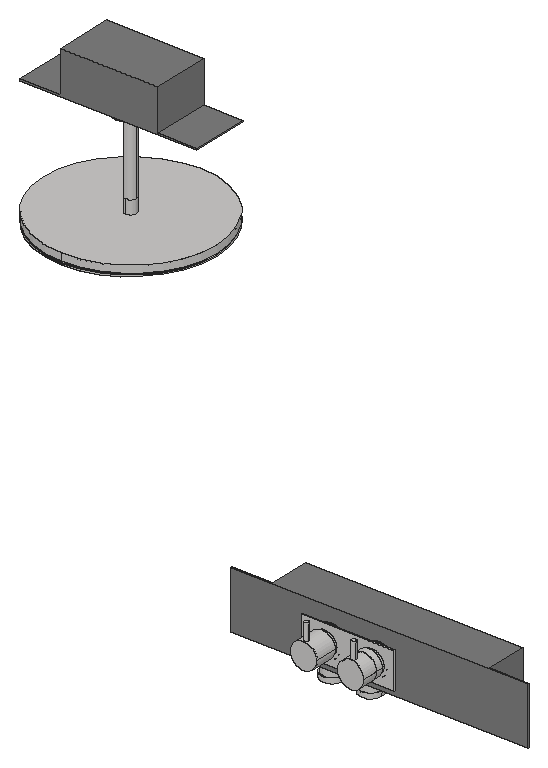
Revit family "5262A", category Plumbing Fixtures, Revit 2021
Family settings
  Round Connector Dimension = Use Diameter
  Part Type = Normal
  Work Plane-Based = No
  Always vertical = Yes
  Cut with Voids When Loaded = No
  Shared = No
  Room Calculation Point = No
Parameters
  e-mail = "info@vola.com"
  URL = "http://vola.com"
  Telephone = "+45 7023 5500"
  Shower Offset = 450.00 mm
  Shower Head Height = 2100.00 mm
  Quality management standard = "ISO 9001"
  Organisation no. / DUNS no. = "17531328"
  Occupational health and safety management standard = "ISO 18001"
  Mounting Instructions = "http://vola.com/service/producturl.ashx?name=5262A"
  Model = "5262A"
  Mixer Offset [instance] = 12.00 mm
  Mixer = yes
  Materials and components information = "http://vola.com/service/producturl.ashx?name=5262A"
  Manufacturer = "VOLA A/S"
  Maintenance Instructions = "http://vola.com/service/producturl.ashx?name=5262A"
  Handle Height = 1100.00 mm
  Guarantee = "2 years"
  Flow = "22,00 l/min"
  Environmental management standard = "ISO 14000"
  Default Elevation = 0.00 mm
  Connection - All relevant connections = "¾\" for water connection"
  Ceiling Mixer Offset = 12.00 mm
  Approvals = "http://vola.com/service/producturl.ashx?name=5262A"
Reference planes
  plane 1 "Center (Front/Back)": y = 0
  plane 2: z = 0
  plane 3 "Center (Left/Right)": x = 0
  plane 4 "Mixer plane": y = 12
  plane 5: z = 1100
  plane 6: z = 2100
  plane 7: y = -450
  plane 8: z = 2112
  plane 9 "Wall Surface": y = 0
Forms (mm)
  Extrusion 1, solid, material "Stainless Steel", visible <- "Mixer"
    sketch origin (14.11, 9.5, 1100) x (0, 0, -1) y (1, 0, 0)
      loop
        circle (0, 24.89) r 24.89
    from 0 to 9.5
  Extrusion 2, solid, material "Stainless Steel", visible <- "Mixer"
    sketch origin (-63.89, 9.5, 1100) x (0, 0, -1) y (1, 0, 0)
      loop
        circle (0, 24.89) r 24.89
    from 0 to 9.5
  Extrusion 3, solid, material "Stainless Steel", visible <- "Mixer"
    sketch origin (16.5, -450, 2111.5) x (-1, 0, 0) y (0, -1, 0)
      loop
        circle (16.5, 0) r 16.5
    from 0 to -11.5
Dimensions and locks
  "Mixer Offset": plane 4 "Mixer plane" to plane 1 "Center (Front/Back)"
  "Handle Height": plane 5 to level
  "Shower Offset": plane 7 to plane 1 "Center (Front/Back)"
  "Shower Head Height": plane 6 to level
  "Ceiling Mixer Offset": plane 8 to plane 6
  aligned and locked: plane 2 to level
  aligned and locked: nested 3 to plane 4 "Mixer plane"
  aligned and locked: plane 1 "Center (Front/Back)" to Extrusion 1
  aligned and locked: plane 1 "Center (Front/Back)" to Extrusion 2
  aligned and locked: plane 5 to nested 3
  aligned and locked: nested 4 to plane 5
  aligned and locked: plane 7 to nested 5
  aligned and locked: plane 6 to nested 5
  aligned and locked: plane 7 to nested 6
  aligned and locked: Extrusion 3 to plane 6
Automatic sketch dimensions
  radius of Extrusion 1 sketch curve to nested 3 = 0.00 mm
  radius of Extrusion 2 sketch curve to nested 3 = 0.00 mm
  radius of Extrusion 3 sketch curve to nested 6 = 0.00 mm
Nested families
  nested 1: "NR52" at (39, -2, 1100), built-in parameter 1001364 <- "Handle Height", type "NR52"
  nested 2: "NR51" at (-39, -2, 1100), built-in parameter 1001364 <- "Handle Height", type "NR51"
  nested 3: "5200V" at (0, 83.5, 1015), visible <- "Mixer", type "5200V"
  nested 4: "5002" at (0, 0, 1100) x (1, 0, 0) z (0, -1, 0), type "5002"
  nested 5: "060A" at (0, -450, 2100), type "060A"
  nested 6: "200M" at (0, -450, 2112), built-in parameter 1001364 <- "Ceiling Mixer Offset", visible <- "Mixer", type "200M"
Connectors
  piping at (-71, 54.5, 1015), diameter 37
    settings: on nested 3, index 1, connector inside diameter 1.45669", connector length 0.00 mm, flow factor 0, pipe flow 0 GPM, pressure drop 0.00 psi, fitting loss kfactor 0, connector angle 0.00°, fixture units 0, engagement length 0.00 mm, angle of deflection 0.00°, flow configuration 0, flow direction 1, fitting loss method 0, system type 19, joint type 0, gender type 0, connector reference index -1, connector utility 0, adjustable connector no, is connector primary yes, connector description ""
  piping at (-7, 54.5, 1015), diameter 37
    settings: on nested 3, index 2, connector inside diameter 1.45669", connector length 0.00 mm, flow factor 0, pipe flow 0 GPM, pressure drop 0.00 psi, fitting loss kfactor 0, connector angle 0.00°, fixture units 0, engagement length 0.00 mm, angle of deflection 0.00°, flow configuration 0, flow direction 1, fitting loss method 0, system type 20, joint type 0, gender type 0, connector reference index -1, connector utility 0, adjustable connector no, is connector primary no, connector description ""
Definition of nested family "NR52"
  Parameters
    e-mail = "info@vola.com"
    URL = "http://vola.com"
    Telephone = "+45 7023 5500"
    Quality management standard = "ISO 9001"
    Organisation no. / DUNS no. = "17531328"
    Occupational health and safety management standard = "ISO 18001"
    Mounting Instructions = "http://vola.com/service/producturl.ashx?name=NR52"
    Model = "NR52"
    Materials and components information = "http://vola.com/service/producturl.ashx?name=NR52"
    Manufacturer = "VOLA A/S"
    Maintenance Instructions = "http://vola.com/service/producturl.ashx?name=NR52"
    Guarantee = "2 years"
    Environmental management standard = "ISO 14000"
    Default Elevation = 0.00 mm
    Connection - All relevant connections = ""
    Approvals = "http://vola.com/service/producturl.ashx?name=NR52"
  Reference planes
    plane 1 "Center (Front/Back)": y = 0
    plane 2: z = 0
    plane 3 "Center (Left/Right)": x = 0
  Forms (mm)
    Extrusion 1, solid
      sketch origin (0, 0, 0) x (1, 0, 0) y (0, 0, 1)
        loop
          circle (0, 0) r 20
      from 0 to 5
    Extrusion 2, solid
      sketch origin (0, 0, 0) x (1, 0, 0) y (0, 0, 1)
        loop
          circle (0, 0) r 21.5
      from 17 to 42.5
    Extrusion 3, solid
      sketch origin (0, -2, 0) x (0, -1, 0) y (1, 0, 0)
        loop
          circle (34.5, 0) r 3.5
      from 0 to 47.5
    Extrusion 4, solid
      sketch origin (0, 10.75, -47.4) x (0, -1, 0) y (1, 0, 0)
        loop
          circle (34.5, 0) r 3.5
      from 22.5 to 47.4
    Extrusion 5, solid
      sketch origin (0, 11.93, 0) x (1, 0, 0) y (0, 0, 1)
        loop
          circle (0, 0) r 21.5
      from 16.93 to 28.93
  Cuts and joins
    joined: Extrusion 2, Extrusion 3, Extrusion 4
  Dimensions and locks
    aligned and locked: plane 2 to level
    aligned and locked: Extrusion 2 to Extrusion 5
    aligned and locked: Extrusion 1 to Extrusion 5
Definition of nested family "NR51"
  Parameters
    e-mail = "info@vola.com"
    URL = "http://vola.com"
    Telephone = "+45 7023 5500"
    Quality management standard = "ISO 9001"
    Organisation no. / DUNS no. = "17531328"
    Occupational health and safety management standard = "ISO 18001"
    Mounting Instructions = "http://vola.com/service/producturl.ashx?name=NR51"
    Model = "NR51"
    Materials and components information = "http://vola.com/service/producturl.ashx?name=NR51"
    Manufacturer = "VOLA A/S"
    Maintenance Instructions = "http://vola.com/service/producturl.ashx?name=NR51"
    Guarantee = "2 years"
    Environmental management standard = "ISO 14000"
    Default Elevation = 0.00 mm
    Connection - All relevant connections = ""
    Approvals = "http://vola.com/service/producturl.ashx?name=NR51"
  Reference planes
    plane 1 "Center (Front/Back)": y = 0
    plane 2: z = 0
    plane 3 "Center (Left/Right)": x = 0
  Forms (mm)
    Extrusion 1, solid
      sketch origin (0, 0, 0) x (1, 0, 0) y (0, 0, 1)
        loop
          circle (0, 0) r 21.5
      from 5 to 42.5
    Extrusion 2, solid
      sketch origin (0, -2, 0) x (0, -1, 0) y (1, 0, 0)
        loop
          circle (34.5, 0) r 3.5
      from 0 to 47.5
    Extrusion 3, solid
      sketch origin (0, 0, 0) x (1, 0, 0) y (0, 0, 1)
        loop
          circle (0, 0) r 20
      from 0 to 5
  Cuts and joins
    joined: Extrusion 1, Extrusion 2
  Dimensions and locks
    aligned and locked: plane 2 to level
Definition of nested family "5200V"
  Parameters
    e-mail = "info@vola.com"
    URL = "http://vola.com"
    Telephone = "+45 7023 5500"
    Quality management standard = "ISO 9001"
    Organisation no. / DUNS no. = "17531328"
    Occupational health and safety management standard = "ISO 18001"
    Mounting Instructions = "http://vola.com/service/producturl.ashx?name=5200V"
    Model = "5200V"
    Materials and components information = "http://vola.com/service/producturl.ashx?name=5200V"
    Manufacturer = "VOLA A/S"
    Maintenance Instructions = "http://vola.com/service/producturl.ashx?name=5200V"
    Guarantee = "2 years"
    Flow = "45,00 l/min"
    Environmental management standard = "ISO 14000"
    Default Elevation = 0.00 mm
    Connection - All relevant connections = ""
    Approvals = "http://vola.com/service/producturl.ashx?name=5200V"
  Reference planes
    plane 1 "Center (Front/Back)": y = 0
    plane 2: z = 0
    plane 3 "Center (Left/Right)": x = 0
    plane 4 "Inlet Center Plane": y = -29
    plane 5: z = 85
  Forms (mm)
    Extrusion 1, solid
      sketch origin (10, 0, 16) x (1, 0, 0) y (0, 1, 0)
        loop
          line (-147.5, 0) -> (-147.5, -69) -> (210.5, -69) -> (210.5, 0) -> (-147.5, 0)
      from 21.5 to 116.5
    Extrusion 2, solid
      sketch origin (10, -1, 16) x (1, 0, 0) y (0, 1, 0)
        loop
          line (-215, -68) -> (-215, -70.5) -> (275.5, -70.5) -> (275.5, -68) -> (-215, -68)
      from 21.5 to 116.5
    Extrusion 3, solid
      sketch origin (-59, -4, 37.5) x (0, 1, 0) y (1, 0, 0)
        loop
          circle (-25, -12) r 16.5
      from 0 to 29.77
    Extrusion 4, solid
      sketch origin (5, -4, 37.5) x (0, 1, 0) y (1, 0, 0)
        loop
          circle (-25, -12) r 16.5
      from 0 to 29.77
    Extrusion 5, solid
      sketch origin (-51.5, -71.5, 16) x (-1, 0, 0) y (0, 0, -1)
        loop
          circle (-12.5, -69) r 24.89
      from 0 to 2.5
    Extrusion 6, solid
      sketch origin (26.5, -71.5, 16) x (-1, 0, 0) y (0, 0, -1)
        loop
          circle (-12.5, -69) r 24.89
      from 0 to 2.5
    Extrusion 7, solid
      sketch origin (-59, -4, 7.73) x (-1, 0, 0) y (0, 1, 0)
        loop
          circle (12, -25) r 18.5
      from 0 to 7.73
    Extrusion 8, solid
      sketch origin (5, -4, 7.73) x (-1, 0, 0) y (0, 1, 0)
        loop
          circle (12, -25) r 18.5
      from 0 to 7.73
  Cuts and joins
    joined: Extrusion 1, Extrusion 2
  Lines and regions (mm)
    reference lines
      curve 1: line (39, -29, 85) -> (39, -121.5, 85)
      curve 2: line (-39, -29, 85) -> (-39, -121.5, 85)
      curve 3: line (-71, -29, 85) -> (-71, -29, -14)
      curve 4: line (-7, -29, 85) -> (-7, -29, -14)
  Dimensions and locks
    aligned and locked: plane 2 to level
    aligned and locked: Extrusion 1 to Extrusion 2
    aligned and locked: Extrusion 2 to Extrusion 1
Definition of nested family "5002"
  Parameters
    e-mail = "info@vola.com"
    URL = "http://vola.com"
    Telephone = "+45 7023 5500"
    Quality management standard = "ISO 9001"
    Organisation no. / DUNS no. = "17531328"
    Occupational health and safety management standard = "ISO 18001"
    Mounting Instructions = "http://vola.com/service/producturl.ashx?name=5002"
    Model = "5002"
    Materials and components information = "http://vola.com/service/producturl.ashx?name=5002"
    Manufacturer = "VOLA A/S"
    Maintenance Instructions = "http://vola.com/service/producturl.ashx?name=5002"
    Guarantee = "2 years"
    Environmental management standard = "ISO 14000"
    Default Elevation = 1219.20 mm
    Connection - All relevant connections = ""
    Approvals = "http://vola.com/service/producturl.ashx?name=5002"
  Reference planes
    plane 1 "Center (Front/Back)": y = 0
    plane 2: z = 0
    plane 3 "Center (Left/Right)": x = 0
  Forms (mm)
    Extrusion 1, solid
      sketch origin (0, 0, 0) x (1, 0, 0) y (0, 1, 0)
        loop
          line (-76.5, 30) -> (-76.5, -30) -> (76.5, -30) -> (76.5, 30) -> (-76.5, 30)
        loop
          circle (39.936, 0) r 19.5
        loop
          circle (-38.064, 0) r 19.5
      from 0 to 2
  Dimensions and locks
    aligned and locked: plane 2 to level
Definition of nested family "060A"
  Parameters
    e-mail = "info@vola.com"
    URL = "http://vola.com"
    Telephone = "+45 7023 5500"
    Quality management standard = "ISO 9001"
    Organisation no. / DUNS no. = "17531328"
    Occupational health and safety management standard = "ISO 18001"
    Mounting Instructions = "http://vola.com/service/producturl.ashx?name=060A"
    Model = "060A"
    Materials and components information = "http://vola.com/service/producturl.ashx?name=060A"
    Manufacturer = "VOLA A/S"
    Maintenance Instructions = "http://vola.com/service/producturl.ashx?name=060A"
    Guarantee = "2 years"
    Flow = "22,00 l/min"
    Environmental management standard = "ISO 14000"
    Default Elevation = 0.00 mm
    Connection - All relevant connections = ""
    Approvals = "http://vola.com/service/producturl.ashx?name=060A"
  Reference planes
    plane 1 "Center (Front/Back)": y = 0
    plane 2: z = 0
    plane 3 "Center (Left/Right)": x = 0
  Forms (mm)
    Extrusion 1, solid
      sketch origin (0, 0, -9.5) x (0, 1, 0) y (1, 0, 0)
        loop
          circle (0, 0) r 9.5
      from 0 to 118.5
    Extrusion 2, solid
      sketch origin (-450, 0, -128) x (-1, 0, 0) y (0, 1, 0)
        loop
          circle (-450, 0) r 8.5
      from 0 to 0.2
    Extrusion 3, solid
      sketch origin (-450, 0, -128.2) x (0, -1, 0) y (-1, 0, 0)
        loop
          circle (0, -450) r 9.5
      from 0 to 21.8
    Extrusion 4, solid
      sketch origin (-450, 0, -150) x (1, 0, 0) y (0, -1, 0)
        loop
          circle (450, 0) r 143
      from 0 to 12
    Extrusion 5, solid
      sketch origin (-450, 0, -162) x (0, 1, 0) y (1, 0, 0)
        loop
          circle (0, 450) r 140
      from 0 to 3
    Extrusion 6, solid
      sketch origin (-450, 0, -165) x (-1, 0, 0) y (0, 1, 0)
        loop
          circle (-450, 0) r 143
      from 0 to 2
    Extrusion 7, solid
      sketch origin (0, 0, -2) x (1, 0, 0) y (0, 1, 0)
        loop
          circle (0, 0) r 18
      from 0 to -7.5
    Extrusion 8, solid
      sketch origin (0, 0, -2) x (1, 0, 0) y (0, 1, 0)
        loop
          circle (0, 0) r 30
      from 0 to 2
  Dimensions and locks
    aligned and locked: plane 2 to level
  Nested families
    nested 1: "Shower Detail Lines" at (0, 0, -167) x (0, 1, 0) z (0, 0, 1), type "Shower Detail Lines"
  Definition of nested family "Shower Detail Lines"
    Parameters
      Default Elevation = 1219.20 mm
    Reference planes
      plane 1 "Center (Front/Back)": y = 0
      plane 2: z = 0
      plane 3 "Center (Left/Right)": x = 0
    Lines and regions (mm)
      model lines
        curve 1: line (-2, -24, 0) -> (2, -24, 0)
        curve 2: line (-2, -130, 0) -> (-2, -24, 0)
        curve 3: line (2, -130, 0) -> (-2, -130, 0)
        curve 4: line (2, -24, 0) -> (2, -130, 0)
        curve 5: circle (0, -27.479, 0) r 1.5 normal (0, 0, 1)
        curve 6: circle (0, -27.479, 0) r 0.5 normal (0, 0, 1)
        curve 7: circle (0, -36.479, 0) r 1.5 normal (0, 0, 1)
        curve 8: circle (0, -36.479, 0) r 0.5 normal (0, 0, 1)
        curve 9: circle (0, -45.479, 0) r 1.5 normal (0, 0, 1)
        curve 10: circle (0, -45.479, 0) r 0.5 normal (0, 0, 1)
        curve 11: circle (0, -54.479, 0) r 1.5 normal (0, 0, 1)
        curve 12: circle (0, -54.479, 0) r 0.5 normal (0, 0, 1)
        curve 13: circle (0, -63.479, 0) r 1.5 normal (0, 0, 1)
        curve 14: circle (0, -63.479, 0) r 0.5 normal (0, 0, 1)
        curve 15: circle (0, -72.479, 0) r 1.5 normal (0, 0, 1)
        curve 16: circle (0, -72.479, 0) r 0.5 normal (0, 0, 1)
        curve 17: circle (0, -81.479, 0) r 1.5 normal (0, 0, 1)
        curve 18: circle (0, -81.479, 0) r 0.5 normal (0, 0, 1)
        curve 19: circle (0, -90.479, 0) r 1.5 normal (0, 0, 1)
        curve 20: circle (0, -90.479, 0) r 0.5 normal (0, 0, 1)
        curve 21: circle (0, -99.479, 0) r 1.5 normal (0, 0, 1)
        curve 22: circle (0, -99.479, 0) r 0.5 normal (0, 0, 1)
        curve 23: circle (0, -108.479, 0) r 1.5 normal (0, 0, 1)
        curve 24: circle (0, -108.479, 0) r 0.5 normal (0, 0, 1)
        curve 25: circle (0, -117.479, 0) r 1.5 normal (0, 0, 1)
        curve 26: circle (0, -117.479, 0) r 0.5 normal (0, 0, 1)
        curve 27: circle (0, -126.479, 0) r 1.5 normal (0, 0, 1)
        curve 28: circle (0, -126.479, 0) r 0.5 normal (0, 0, 1)
        curve 29: line (6.329, -23.237, 0) -> (10.088, -21.869, 0)
        curve 30: line (42.583, -122.844, 0) -> (6.329, -23.237, 0)
        curve 31: line (46.342, -121.476, 0) -> (42.583, -122.844, 0)
        curve 32: line (10.088, -21.869, 0) -> (46.342, -121.476, 0)
        curve 33: circle (9.398, -25.822, 0) r 1.5 normal (0, 0, 1)
        curve 34: circle (9.398, -25.822, 0) r 0.5 normal (0, 0, 1)
        curve 35: circle (12.477, -34.279, 0) r 1.5 normal (0, 0, 1)
        curve 36: circle (12.477, -34.279, 0) r 0.5 normal (0, 0, 1)
        curve 37: circle (15.555, -42.736, 0) r 1.5 normal (0, 0, 1)
        curve 38: circle (15.555, -42.736, 0) r 0.5 normal (0, 0, 1)
        curve 39: circle (18.633, -51.193, 0) r 1.5 normal (0, 0, 1)
        curve 40: circle (18.633, -51.193, 0) r 0.5 normal (0, 0, 1)
        curve 41: circle (21.711, -59.651, 0) r 1.5 normal (0, 0, 1)
        curve 42: circle (21.711, -59.651, 0) r 0.5 normal (0, 0, 1)
        curve 43: circle (24.789, -68.108, 0) r 1.5 normal (0, 0, 1)
        curve 44: circle (24.789, -68.108, 0) r 0.5 normal (0, 0, 1)
        curve 45: circle (27.867, -76.565, 0) r 1.5 normal (0, 0, 1)
        curve 46: circle (27.867, -76.565, 0) r 0.5 normal (0, 0, 1)
        curve 47: circle (30.946, -85.022, 0) r 1.5 normal (0, 0, 1)
        curve 48: circle (30.946, -85.022, 0) r 0.5 normal (0, 0, 1)
        curve 49: circle (34.024, -93.48, 0) r 1.5 normal (0, 0, 1)
        curve 50: circle (34.024, -93.48, 0) r 0.5 normal (0, 0, 1)
        curve 51: circle (37.102, -101.937, 0) r 1.5 normal (0, 0, 1)
        curve 52: circle (37.102, -101.937, 0) r 0.5 normal (0, 0, 1)
        curve 53: circle (40.18, -110.394, 0) r 1.5 normal (0, 0, 1)
        curve 54: circle (40.18, -110.394, 0) r 0.5 normal (0, 0, 1)
        curve 55: circle (43.258, -118.851, 0) r 1.5 normal (0, 0, 1)
        curve 56: circle (43.258, -118.851, 0) r 0.5 normal (0, 0, 1)
        curve 57: line (13.895, -19.671, 0) -> (16.959, -17.099, 0)
        curve 58: line (82.03, -100.871, 0) -> (13.895, -19.671, 0)
        curve 59: line (85.094, -98.3, 0) -> (82.03, -100.871, 0)
        curve 60: line (16.959, -17.099, 0) -> (85.094, -98.3, 0)
        curve 61: circle (17.663, -21.05, 0) r 1.5 normal (0, 0, 1)
        curve 62: circle (17.663, -21.05, 0) r 0.5 normal (0, 0, 1)
        curve 63: circle (23.448, -27.944, 0) r 1.5 normal (0, 0, 1)
        curve 64: circle (23.448, -27.944, 0) r 0.5 normal (0, 0, 1)
        curve 65: circle (29.233, -34.839, 0) r 1.5 normal (0, 0, 1)
        curve 66: circle (29.233, -34.839, 0) r 0.5 normal (0, 0, 1)
        curve 67: circle (35.018, -41.733, 0) r 1.5 normal (0, 0, 1)
        curve 68: circle (35.018, -41.733, 0) r 0.5 normal (0, 0, 1)
        curve 69: circle (40.803, -48.628, 0) r 1.5 normal (0, 0, 1)
        curve 70: circle (40.803, -48.628, 0) r 0.5 normal (0, 0, 1)
        curve 71: circle (46.589, -55.522, 0) r 1.5 normal (0, 0, 1)
        curve 72: circle (46.589, -55.522, 0) r 0.5 normal (0, 0, 1)
        curve 73: circle (52.374, -62.416, 0) r 1.5 normal (0, 0, 1)
        curve 74: circle (52.374, -62.416, 0) r 0.5 normal (0, 0, 1)
        curve 75: circle (58.159, -69.311, 0) r 1.5 normal (0, 0, 1)
        curve 76: circle (58.159, -69.311, 0) r 0.5 normal (0, 0, 1)
        curve 77: circle (63.944, -76.205, 0) r 1.5 normal (0, 0, 1)
        curve 78: circle (63.944, -76.205, 0) r 0.5 normal (0, 0, 1)
        curve 79: circle (69.729, -83.1, 0) r 1.5 normal (0, 0, 1)
        curve 80: circle (69.729, -83.1, 0) r 0.5 normal (0, 0, 1)
        curve 81: circle (75.514, -89.994, 0) r 1.5 normal (0, 0, 1)
        curve 82: circle (75.514, -89.994, 0) r 0.5 normal (0, 0, 1)
        curve 83: circle (81.299, -96.888, 0) r 1.5 normal (0, 0, 1)
        curve 84: circle (81.299, -96.888, 0) r 0.5 normal (0, 0, 1)
        curve 85: line (19.785, -13.732, 0) -> (21.785, -10.268, 0)
        curve 86: line (111.583, -66.732, 0) -> (19.785, -13.732, 0)
        curve 87: line (113.583, -63.268, 0) -> (111.583, -66.732, 0)
        curve 88: line (21.785, -10.268, 0) -> (113.583, -63.268, 0)
        curve 89: circle (23.797, -13.739, 0) r 1.5 normal (0, 0, 1)
        curve 90: circle (23.797, -13.739, 0) r 0.5 normal (0, 0, 1)
        curve 91: circle (31.592, -18.239, 0) r 1.5 normal (0, 0, 1)
        curve 92: circle (31.592, -18.239, 0) r 0.5 normal (0, 0, 1)
        curve 93: circle (39.386, -22.739, 0) r 1.5 normal (0, 0, 1)
        curve 94: circle (39.386, -22.739, 0) r 0.5 normal (0, 0, 1)
        curve 95: circle (47.18, -27.239, 0) r 1.5 normal (0, 0, 1)
        curve 96: circle (47.18, -27.239, 0) r 0.5 normal (0, 0, 1)
        curve 97: circle (54.974, -31.739, 0) r 1.5 normal (0, 0, 1)
        curve 98: circle (54.974, -31.739, 0) r 0.5 normal (0, 0, 1)
        curve 99: circle (62.769, -36.239, 0) r 1.5 normal (0, 0, 1)
        curve 100: circle (62.769, -36.239, 0) r 0.5 normal (0, 0, 1)
        curve 101: circle (70.563, -40.739, 0) r 1.5 normal (0, 0, 1)
        curve 102: circle (70.563, -40.739, 0) r 0.5 normal (0, 0, 1)
        curve 103: circle (78.357, -45.239, 0) r 1.5 normal (0, 0, 1)
        curve 104: circle (78.357, -45.239, 0) r 0.5 normal (0, 0, 1)
        curve 105: circle (86.151, -49.739, 0) r 1.5 normal (0, 0, 1)
        curve 106: circle (86.151, -49.739, 0) r 0.5 normal (0, 0, 1)
        curve 107: circle (93.945, -54.239, 0) r 1.5 normal (0, 0, 1)
        curve 108: circle (93.945, -54.239, 0) r 0.5 normal (0, 0, 1)
        curve 109: circle (101.74, -58.739, 0) r 1.5 normal (0, 0, 1)
        curve 110: circle (101.74, -58.739, 0) r 0.5 normal (0, 0, 1)
        curve 111: circle (109.534, -63.239, 0) r 1.5 normal (0, 0, 1)
        curve 112: circle (109.534, -63.239, 0) r 0.5 normal (0, 0, 1)
        curve 113: line (23.288, -6.137, 0) -> (23.983, -2.198, 0)
        curve 114: line (127.678, -24.544, 0) -> (23.288, -6.137, 0)
        curve 115: line (128.372, -20.605, 0) -> (127.678, -24.544, 0)
        curve 116: line (23.983, -2.198, 0) -> (128.372, -20.605, 0)
        curve 117: circle (27.061, -4.772, 0) r 1.5 normal (0, 0, 1)
        curve 118: circle (27.061, -4.772, 0) r 0.5 normal (0, 0, 1)
        curve 119: circle (35.925, -6.334, 0) r 1.5 normal (0, 0, 1)
        curve 120: circle (35.925, -6.334, 0) r 0.5 normal (0, 0, 1)
        curve 121: circle (44.788, -7.897, 0) r 1.5 normal (0, 0, 1)
        curve 122: circle (44.788, -7.897, 0) r 0.5 normal (0, 0, 1)
        curve 123: circle (53.651, -9.46, 0) r 1.5 normal (0, 0, 1)
        curve 124: circle (53.651, -9.46, 0) r 0.5 normal (0, 0, 1)
        curve 125: circle (62.514, -11.023, 0) r 1.5 normal (0, 0, 1)
        curve 126: circle (62.514, -11.023, 0) r 0.5 normal (0, 0, 1)
        curve 127: circle (71.378, -12.586, 0) r 1.5 normal (0, 0, 1)
        curve 128: circle (71.378, -12.586, 0) r 0.5 normal (0, 0, 1)
        curve 129: circle (80.241, -14.149, 0) r 1.5 normal (0, 0, 1)
        curve 130: circle (80.241, -14.149, 0) r 0.5 normal (0, 0, 1)
        curve 131: circle (89.104, -15.711, 0) r 1.5 normal (0, 0, 1)
        curve 132: circle (89.104, -15.711, 0) r 0.5 normal (0, 0, 1)
        curve 133: circle (97.968, -17.274, 0) r 1.5 normal (0, 0, 1)
        curve 134: circle (97.968, -17.274, 0) r 0.5 normal (0, 0, 1)
        curve 135: circle (106.831, -18.837, 0) r 1.5 normal (0, 0, 1)
        curve 136: circle (106.831, -18.837, 0) r 0.5 normal (0, 0, 1)
        curve 137: circle (115.694, -20.4, 0) r 1.5 normal (0, 0, 1)
        curve 138: circle (115.694, -20.4, 0) r 0.5 normal (0, 0, 1)
        curve 139: circle (124.557, -21.963, 0) r 1.5 normal (0, 0, 1)
        curve 140: circle (124.557, -21.963, 0) r 0.5 normal (0, 0, 1)
        curve 141: line (23.983, 2.198, 0) -> (23.288, 6.137, 0)
        curve 142: line (128.372, 20.605, 0) -> (23.983, 2.198, 0)
        curve 143: line (127.678, 24.544, 0) -> (128.372, 20.605, 0)
        curve 144: line (23.288, 6.137, 0) -> (127.678, 24.544, 0)
        curve 145: circle (27.061, 4.772, 0) r 1.5 normal (0, 0, 1)
        curve 146: circle (27.061, 4.772, 0) r 0.5 normal (0, 0, 1)
        curve 147: circle (35.925, 6.334, 0) r 1.5 normal (0, 0, 1)
        curve 148: circle (35.925, 6.334, 0) r 0.5 normal (0, 0, 1)
        curve 149: circle (44.788, 7.897, 0) r 1.5 normal (0, 0, 1)
        curve 150: circle (44.788, 7.897, 0) r 0.5 normal (0, 0, 1)
        curve 151: circle (53.651, 9.46, 0) r 1.5 normal (0, 0, 1)
        curve 152: circle (53.651, 9.46, 0) r 0.5 normal (0, 0, 1)
        curve 153: circle (62.514, 11.023, 0) r 1.5 normal (0, 0, 1)
        curve 154: circle (62.514, 11.023, 0) r 0.5 normal (0, 0, 1)
        curve 155: circle (71.378, 12.586, 0) r 1.5 normal (0, 0, 1)
        curve 156: circle (71.378, 12.586, 0) r 0.5 normal (0, 0, 1)
        curve 157: circle (80.241, 14.149, 0) r 1.5 normal (0, 0, 1)
        curve 158: circle (80.241, 14.149, 0) r 0.5 normal (0, 0, 1)
        curve 159: circle (89.104, 15.711, 0) r 1.5 normal (0, 0, 1)
        curve 160: circle (89.104, 15.711, 0) r 0.5 normal (0, 0, 1)
        curve 161: circle (97.968, 17.274, 0) r 1.5 normal (0, 0, 1)
        curve 162: circle (97.968, 17.274, 0) r 0.5 normal (0, 0, 1)
        curve 163: circle (106.831, 18.837, 0) r 1.5 normal (0, 0, 1)
        curve 164: circle (106.831, 18.837, 0) r 0.5 normal (0, 0, 1)
        curve 165: circle (115.694, 20.4, 0) r 1.5 normal (0, 0, 1)
        curve 166: circle (115.694, 20.4, 0) r 0.5 normal (0, 0, 1)
        curve 167: circle (124.557, 21.963, 0) r 1.5 normal (0, 0, 1)
        curve 168: circle (124.557, 21.963, 0) r 0.5 normal (0, 0, 1)
        curve 169: line (21.785, 10.268, 0) -> (19.785, 13.732, 0)
        curve 170: line (113.583, 63.268, 0) -> (21.785, 10.268, 0)
        curve 171: line (111.583, 66.732, 0) -> (113.583, 63.268, 0)
        curve 172: line (19.785, 13.732, 0) -> (111.583, 66.732, 0)
        curve 173: circle (23.797, 13.739, 0) r 1.5 normal (0, 0, 1)
        curve 174: circle (23.797, 13.739, 0) r 0.5 normal (0, 0, 1)
        curve 175: circle (31.592, 18.239, 0) r 1.5 normal (0, 0, 1)
        curve 176: circle (31.592, 18.239, 0) r 0.5 normal (0, 0, 1)
        curve 177: circle (39.386, 22.739, 0) r 1.5 normal (0, 0, 1)
        curve 178: circle (39.386, 22.739, 0) r 0.5 normal (0, 0, 1)
        curve 179: circle (47.18, 27.239, 0) r 1.5 normal (0, 0, 1)
        curve 180: circle (47.18, 27.239, 0) r 0.5 normal (0, 0, 1)
        curve 181: circle (54.974, 31.739, 0) r 1.5 normal (0, 0, 1)
        curve 182: circle (54.974, 31.739, 0) r 0.5 normal (0, 0, 1)
        curve 183: circle (62.769, 36.239, 0) r 1.5 normal (0, 0, 1)
        curve 184: circle (62.769, 36.239, 0) r 0.5 normal (0, 0, 1)
        curve 185: circle (70.563, 40.739, 0) r 1.5 normal (0, 0, 1)
        curve 186: circle (70.563, 40.739, 0) r 0.5 normal (0, 0, 1)
        curve 187: circle (78.357, 45.239, 0) r 1.5 normal (0, 0, 1)
        curve 188: circle (78.357, 45.239, 0) r 0.5 normal (0, 0, 1)
        curve 189: circle (86.151, 49.739, 0) r 1.5 normal (0, 0, 1)
        curve 190: circle (86.151, 49.739, 0) r 0.5 normal (0, 0, 1)
        curve 191: circle (93.945, 54.239, 0) r 1.5 normal (0, 0, 1)
        curve 192: circle (93.945, 54.239, 0) r 0.5 normal (0, 0, 1)
        curve 193: circle (101.74, 58.739, 0) r 1.5 normal (0, 0, 1)
        curve 194: circle (101.74, 58.739, 0) r 0.5 normal (0, 0, 1)
        curve 195: circle (109.534, 63.239, 0) r 1.5 normal (0, 0, 1)
        curve 196: circle (109.534, 63.239, 0) r 0.5 normal (0, 0, 1)
        curve 197: line (16.959, 17.099, 0) -> (13.895, 19.671, 0)
        curve 198: line (85.094, 98.3, 0) -> (16.959, 17.099, 0)
        curve 199: line (82.03, 100.871, 0) -> (85.094, 98.3, 0)
        curve 200: line (13.895, 19.671, 0) -> (82.03, 100.871, 0)
        curve 201: circle (17.663, 21.05, 0) r 1.5 normal (0, 0, 1)
        curve 202: circle (17.663, 21.05, 0) r 0.5 normal (0, 0, 1)
        curve 203: circle (23.448, 27.944, 0) r 1.5 normal (0, 0, 1)
        curve 204: circle (23.448, 27.944, 0) r 0.5 normal (0, 0, 1)
        curve 205: circle (29.233, 34.839, 0) r 1.5 normal (0, 0, 1)
        curve 206: circle (29.233, 34.839, 0) r 0.5 normal (0, 0, 1)
        curve 207: circle (35.018, 41.733, 0) r 1.5 normal (0, 0, 1)
        curve 208: circle (35.018, 41.733, 0) r 0.5 normal (0, 0, 1)
        curve 209: circle (40.803, 48.628, 0) r 1.5 normal (0, 0, 1)
        curve 210: circle (40.803, 48.628, 0) r 0.5 normal (0, 0, 1)
        curve 211: circle (46.589, 55.522, 0) r 1.5 normal (0, 0, 1)
        curve 212: circle (46.589, 55.522, 0) r 0.5 normal (0, 0, 1)
        curve 213: circle (52.374, 62.416, 0) r 1.5 normal (0, 0, 1)
        curve 214: circle (52.374, 62.416, 0) r 0.5 normal (0, 0, 1)
        curve 215: circle (58.159, 69.311, 0) r 1.5 normal (0, 0, 1)
        curve 216: circle (58.159, 69.311, 0) r 0.5 normal (0, 0, 1)
        curve 217: circle (63.944, 76.205, 0) r 1.5 normal (0, 0, 1)
        curve 218: circle (63.944, 76.205, 0) r 0.5 normal (0, 0, 1)
        curve 219: circle (69.729, 83.1, 0) r 1.5 normal (0, 0, 1)
        curve 220: circle (69.729, 83.1, 0) r 0.5 normal (0, 0, 1)
        curve 221: circle (75.514, 89.994, 0) r 1.5 normal (0, 0, 1)
        curve 222: circle (75.514, 89.994, 0) r 0.5 normal (0, 0, 1)
        curve 223: circle (81.299, 96.888, 0) r 1.5 normal (0, 0, 1)
        curve 224: circle (81.299, 96.888, 0) r 0.5 normal (0, 0, 1)
        curve 225: line (10.088, 21.869, 0) -> (6.329, 23.237, 0)
        curve 226: line (46.342, 121.476, 0) -> (10.088, 21.869, 0)
        curve 227: line (42.583, 122.844, 0) -> (46.342, 121.476, 0)
        curve 228: line (6.329, 23.237, 0) -> (42.583, 122.844, 0)
        curve 229: circle (9.398, 25.822, 0) r 1.5 normal (0, 0, 1)
        curve 230: circle (9.398, 25.822, 0) r 0.5 normal (0, 0, 1)
        curve 231: circle (12.477, 34.279, 0) r 1.5 normal (0, 0, 1)
        curve 232: circle (12.477, 34.279, 0) r 0.5 normal (0, 0, 1)
        curve 233: circle (15.555, 42.736, 0) r 1.5 normal (0, 0, 1)
        curve 234: circle (15.555, 42.736, 0) r 0.5 normal (0, 0, 1)
        curve 235: circle (18.633, 51.193, 0) r 1.5 normal (0, 0, 1)
        curve 236: circle (18.633, 51.193, 0) r 0.5 normal (0, 0, 1)
        curve 237: circle (21.711, 59.651, 0) r 1.5 normal (0, 0, 1)
        curve 238: circle (21.711, 59.651, 0) r 0.5 normal (0, 0, 1)
        curve 239: circle (24.789, 68.108, 0) r 1.5 normal (0, 0, 1)
        curve 240: circle (24.789, 68.108, 0) r 0.5 normal (0, 0, 1)
        curve 241: circle (27.867, 76.565, 0) r 1.5 normal (0, 0, 1)
        curve 242: circle (27.867, 76.565, 0) r 0.5 normal (0, 0, 1)
        curve 243: circle (30.946, 85.022, 0) r 1.5 normal (0, 0, 1)
        curve 244: circle (30.946, 85.022, 0) r 0.5 normal (0, 0, 1)
        curve 245: circle (34.024, 93.48, 0) r 1.5 normal (0, 0, 1)
        curve 246: circle (34.024, 93.48, 0) r 0.5 normal (0, 0, 1)
        curve 247: circle (37.102, 101.937, 0) r 1.5 normal (0, 0, 1)
        curve 248: circle (37.102, 101.937, 0) r 0.5 normal (0, 0, 1)
        curve 249: circle (40.18, 110.394, 0) r 1.5 normal (0, 0, 1)
        curve 250: circle (40.18, 110.394, 0) r 0.5 normal (0, 0, 1)
        curve 251: circle (43.258, 118.851, 0) r 1.5 normal (0, 0, 1)
        curve 252: circle (43.258, 118.851, 0) r 0.5 normal (0, 0, 1)
        curve 253: line (2, 24, 0) -> (-2, 24, 0)
        curve 254: line (2, 130, 0) -> (2, 24, 0)
        curve 255: line (-2, 130, 0) -> (2, 130, 0)
        curve 256: line (-2, 24, 0) -> (-2, 130, 0)
        curve 257: circle (0, 27.479, 0) r 1.5 normal (0, 0, 1)
        curve 258: circle (0, 27.479, 0) r 0.5 normal (0, 0, 1)
        curve 259: circle (0, 36.479, 0) r 1.5 normal (0, 0, 1)
        curve 260: circle (0, 36.479, 0) r 0.5 normal (0, 0, 1)
        curve 261: circle (0, 45.479, 0) r 1.5 normal (0, 0, 1)
        curve 262: circle (0, 45.479, 0) r 0.5 normal (0, 0, 1)
        curve 263: circle (0, 54.479, 0) r 1.5 normal (0, 0, 1)
        curve 264: circle (0, 54.479, 0) r 0.5 normal (0, 0, 1)
        curve 265: circle (0, 63.479, 0) r 1.5 normal (0, 0, 1)
        curve 266: circle (0, 63.479, 0) r 0.5 normal (0, 0, 1)
        curve 267: circle (0, 72.479, 0) r 1.5 normal (0, 0, 1)
        curve 268: circle (0, 72.479, 0) r 0.5 normal (0, 0, 1)
        curve 269: circle (0, 81.479, 0) r 1.5 normal (0, 0, 1)
        curve 270: circle (0, 81.479, 0) r 0.5 normal (0, 0, 1)
        curve 271: circle (0, 90.479, 0) r 1.5 normal (0, 0, 1)
        curve 272: circle (0, 90.479, 0) r 0.5 normal (0, 0, 1)
        curve 273: circle (0, 99.479, 0) r 1.5 normal (0, 0, 1)
        curve 274: circle (0, 99.479, 0) r 0.5 normal (0, 0, 1)
        curve 275: circle (0, 108.479, 0) r 1.5 normal (0, 0, 1)
        curve 276: circle (0, 108.479, 0) r 0.5 normal (0, 0, 1)
        curve 277: circle (0, 117.479, 0) r 1.5 normal (0, 0, 1)
        curve 278: circle (0, 117.479, 0) r 0.5 normal (0, 0, 1)
        curve 279: circle (0, 126.479, 0) r 1.5 normal (0, 0, 1)
        curve 280: circle (0, 126.479, 0) r 0.5 normal (0, 0, 1)
        curve 281: line (-6.329, 23.237, 0) -> (-10.088, 21.869, 0)
        curve 282: line (-42.583, 122.844, 0) -> (-6.329, 23.237, 0)
        curve 283: line (-46.342, 121.476, 0) -> (-42.583, 122.844, 0)
        curve 284: line (-10.088, 21.869, 0) -> (-46.342, 121.476, 0)
        curve 285: circle (-9.398, 25.822, 0) r 1.5 normal (0, 0, 1)
        curve 286: circle (-9.398, 25.822, 0) r 0.5 normal (0, 0, 1)
        curve 287: circle (-12.477, 34.279, 0) r 1.5 normal (0, 0, 1)
        curve 288: circle (-12.477, 34.279, 0) r 0.5 normal (0, 0, 1)
        curve 289: circle (-15.555, 42.736, 0) r 1.5 normal (0, 0, 1)
        curve 290: circle (-15.555, 42.736, 0) r 0.5 normal (0, 0, 1)
        curve 291: circle (-18.633, 51.193, 0) r 1.5 normal (0, 0, 1)
        curve 292: circle (-18.633, 51.193, 0) r 0.5 normal (0, 0, 1)
        curve 293: circle (-21.711, 59.651, 0) r 1.5 normal (0, 0, 1)
        curve 294: circle (-21.711, 59.651, 0) r 0.5 normal (0, 0, 1)
        curve 295: circle (-24.789, 68.108, 0) r 1.5 normal (0, 0, 1)
        curve 296: circle (-24.789, 68.108, 0) r 0.5 normal (0, 0, 1)
        curve 297: circle (-27.867, 76.565, 0) r 1.5 normal (0, 0, 1)
        curve 298: circle (-27.867, 76.565, 0) r 0.5 normal (0, 0, 1)
        curve 299: circle (-30.946, 85.022, 0) r 1.5 normal (0, 0, 1)
        curve 300: circle (-30.946, 85.022, 0) r 0.5 normal (0, 0, 1)
        curve 301: circle (-34.024, 93.48, 0) r 1.5 normal (0, 0, 1)
        curve 302: circle (-34.024, 93.48, 0) r 0.5 normal (0, 0, 1)
        curve 303: circle (-37.102, 101.937, 0) r 1.5 normal (0, 0, 1)
        curve 304: circle (-37.102, 101.937, 0) r 0.5 normal (0, 0, 1)
        curve 305: circle (-40.18, 110.394, 0) r 1.5 normal (0, 0, 1)
        curve 306: circle (-40.18, 110.394, 0) r 0.5 normal (0, 0, 1)
        curve 307: circle (-43.258, 118.851, 0) r 1.5 normal (0, 0, 1)
        curve 308: circle (-43.258, 118.851, 0) r 0.5 normal (0, 0, 1)
        curve 309: line (-13.895, 19.671, 0) -> (-16.959, 17.099, 0)
        curve 310: line (-82.03, 100.871, 0) -> (-13.895, 19.671, 0)
        curve 311: line (-85.094, 98.3, 0) -> (-82.03, 100.871, 0)
        curve 312: line (-16.959, 17.099, 0) -> (-85.094, 98.3, 0)
        curve 313: circle (-17.663, 21.05, 0) r 1.5 normal (0, 0, 1)
        curve 314: circle (-17.663, 21.05, 0) r 0.5 normal (0, 0, 1)
        curve 315: circle (-23.448, 27.944, 0) r 1.5 normal (0, 0, 1)
        curve 316: circle (-23.448, 27.944, 0) r 0.5 normal (0, 0, 1)
        curve 317: circle (-29.233, 34.839, 0) r 1.5 normal (0, 0, 1)
        curve 318: circle (-29.233, 34.839, 0) r 0.5 normal (0, 0, 1)
        curve 319: circle (-35.018, 41.733, 0) r 1.5 normal (0, 0, 1)
        curve 320: circle (-35.018, 41.733, 0) r 0.5 normal (0, 0, 1)
        curve 321: circle (-40.803, 48.628, 0) r 1.5 normal (0, 0, 1)
        curve 322: circle (-40.803, 48.628, 0) r 0.5 normal (0, 0, 1)
        curve 323: circle (-46.589, 55.522, 0) r 1.5 normal (0, 0, 1)
        curve 324: circle (-46.589, 55.522, 0) r 0.5 normal (0, 0, 1)
        curve 325: circle (-52.374, 62.416, 0) r 1.5 normal (0, 0, 1)
        curve 326: circle (-52.374, 62.416, 0) r 0.5 normal (0, 0, 1)
        curve 327: circle (-58.159, 69.311, 0) r 1.5 normal (0, 0, 1)
        curve 328: circle (-58.159, 69.311, 0) r 0.5 normal (0, 0, 1)
        curve 329: circle (-63.944, 76.205, 0) r 1.5 normal (0, 0, 1)
        curve 330: circle (-63.944, 76.205, 0) r 0.5 normal (0, 0, 1)
        curve 331: circle (-69.729, 83.1, 0) r 1.5 normal (0, 0, 1)
        curve 332: circle (-69.729, 83.1, 0) r 0.5 normal (0, 0, 1)
        curve 333: circle (-75.514, 89.994, 0) r 1.5 normal (0, 0, 1)
        curve 334: circle (-75.514, 89.994, 0) r 0.5 normal (0, 0, 1)
        curve 335: circle (-81.299, 96.888, 0) r 1.5 normal (0, 0, 1)
        curve 336: circle (-81.299, 96.888, 0) r 0.5 normal (0, 0, 1)
        curve 337: line (-19.785, 13.732, 0) -> (-21.785, 10.268, 0)
        curve 338: line (-111.583, 66.732, 0) -> (-19.785, 13.732, 0)
        curve 339: line (-113.583, 63.268, 0) -> (-111.583, 66.732, 0)
        curve 340: line (-21.785, 10.268, 0) -> (-113.583, 63.268, 0)
        curve 341: circle (-23.797, 13.739, 0) r 1.5 normal (0, 0, 1)
        curve 342: circle (-23.797, 13.739, 0) r 0.5 normal (0, 0, 1)
        curve 343: circle (-31.592, 18.239, 0) r 1.5 normal (0, 0, 1)
        curve 344: circle (-31.592, 18.239, 0) r 0.5 normal (0, 0, 1)
        curve 345: circle (-39.386, 22.739, 0) r 1.5 normal (0, 0, 1)
        curve 346: circle (-39.386, 22.739, 0) r 0.5 normal (0, 0, 1)
        curve 347: circle (-47.18, 27.239, 0) r 1.5 normal (0, 0, 1)
        curve 348: circle (-47.18, 27.239, 0) r 0.5 normal (0, 0, 1)
        curve 349: circle (-54.974, 31.739, 0) r 1.5 normal (0, 0, 1)
        curve 350: circle (-54.974, 31.739, 0) r 0.5 normal (0, 0, 1)
        curve 351: circle (-62.769, 36.239, 0) r 1.5 normal (0, 0, 1)
        curve 352: circle (-62.769, 36.239, 0) r 0.5 normal (0, 0, 1)
        curve 353: circle (-70.563, 40.739, 0) r 1.5 normal (0, 0, 1)
        curve 354: circle (-70.563, 40.739, 0) r 0.5 normal (0, 0, 1)
        curve 355: circle (-78.357, 45.239, 0) r 1.5 normal (0, 0, 1)
        curve 356: circle (-78.357, 45.239, 0) r 0.5 normal (0, 0, 1)
        curve 357: circle (-86.151, 49.739, 0) r 1.5 normal (0, 0, 1)
        curve 358: circle (-86.151, 49.739, 0) r 0.5 normal (0, 0, 1)
        curve 359: circle (-93.945, 54.239, 0) r 1.5 normal (0, 0, 1)
        curve 360: circle (-93.945, 54.239, 0) r 0.5 normal (0, 0, 1)
        curve 361: circle (-101.74, 58.739, 0) r 1.5 normal (0, 0, 1)
        curve 362: circle (-101.74, 58.739, 0) r 0.5 normal (0, 0, 1)
        curve 363: circle (-109.534, 63.239, 0) r 1.5 normal (0, 0, 1)
        curve 364: circle (-109.534, 63.239, 0) r 0.5 normal (0, 0, 1)
        curve 365: line (-23.288, 6.137, 0) -> (-23.983, 2.198, 0)
        curve 366: line (-127.678, 24.544, 0) -> (-23.288, 6.137, 0)
        curve 367: line (-128.372, 20.605, 0) -> (-127.678, 24.544, 0)
        curve 368: line (-23.983, 2.198, 0) -> (-128.372, 20.605, 0)
        curve 369: circle (-27.061, 4.772, 0) r 1.5 normal (0, 0, 1)
        curve 370: circle (-27.061, 4.772, 0) r 0.5 normal (0, 0, 1)
        curve 371: circle (-35.925, 6.334, 0) r 1.5 normal (0, 0, 1)
        curve 372: circle (-35.925, 6.334, 0) r 0.5 normal (0, 0, 1)
        curve 373: circle (-44.788, 7.897, 0) r 1.5 normal (0, 0, 1)
        curve 374: circle (-44.788, 7.897, 0) r 0.5 normal (0, 0, 1)
        curve 375: circle (-53.651, 9.46, 0) r 1.5 normal (0, 0, 1)
        curve 376: circle (-53.651, 9.46, 0) r 0.5 normal (0, 0, 1)
        curve 377: circle (-62.514, 11.023, 0) r 1.5 normal (0, 0, 1)
        curve 378: circle (-62.514, 11.023, 0) r 0.5 normal (0, 0, 1)
        curve 379: circle (-71.378, 12.586, 0) r 1.5 normal (0, 0, 1)
        curve 380: circle (-71.378, 12.586, 0) r 0.5 normal (0, 0, 1)
        curve 381: circle (-80.241, 14.149, 0) r 1.5 normal (0, 0, 1)
        curve 382: circle (-80.241, 14.149, 0) r 0.5 normal (0, 0, 1)
        curve 383: circle (-89.104, 15.711, 0) r 1.5 normal (0, 0, 1)
        curve 384: circle (-89.104, 15.711, 0) r 0.5 normal (0, 0, 1)
        curve 385: circle (-97.968, 17.274, 0) r 1.5 normal (0, 0, 1)
        curve 386: circle (-97.968, 17.274, 0) r 0.5 normal (0, 0, 1)
        curve 387: circle (-106.831, 18.837, 0) r 1.5 normal (0, 0, 1)
        curve 388: circle (-106.831, 18.837, 0) r 0.5 normal (0, 0, 1)
        curve 389: circle (-115.694, 20.4, 0) r 1.5 normal (0, 0, 1)
        curve 390: circle (-115.694, 20.4, 0) r 0.5 normal (0, 0, 1)
        curve 391: circle (-124.557, 21.963, 0) r 1.5 normal (0, 0, 1)
        curve 392: circle (-124.557, 21.963, 0) r 0.5 normal (0, 0, 1)
        curve 393: line (-23.983, -2.198, 0) -> (-23.288, -6.137, 0)
        curve 394: line (-128.372, -20.605, 0) -> (-23.983, -2.198, 0)
        curve 395: line (-127.678, -24.544, 0) -> (-128.372, -20.605, 0)
        curve 396: line (-23.288, -6.137, 0) -> (-127.678, -24.544, 0)
        curve 397: circle (-27.061, -4.772, 0) r 1.5 normal (0, 0, 1)
        curve 398: circle (-27.061, -4.772, 0) r 0.5 normal (0, 0, 1)
        curve 399: circle (-35.925, -6.334, 0) r 1.5 normal (0, 0, 1)
        curve 400: circle (-35.925, -6.334, 0) r 0.5 normal (0, 0, 1)
        curve 401: circle (-44.788, -7.897, 0) r 1.5 normal (0, 0, 1)
        curve 402: circle (-44.788, -7.897, 0) r 0.5 normal (0, 0, 1)
        curve 403: circle (-53.651, -9.46, 0) r 1.5 normal (0, 0, 1)
        curve 404: circle (-53.651, -9.46, 0) r 0.5 normal (0, 0, 1)
        curve 405: circle (-62.514, -11.023, 0) r 1.5 normal (0, 0, 1)
        curve 406: circle (-62.514, -11.023, 0) r 0.5 normal (0, 0, 1)
        curve 407: circle (-71.378, -12.586, 0) r 1.5 normal (0, 0, 1)
        curve 408: circle (-71.378, -12.586, 0) r 0.5 normal (0, 0, 1)
        curve 409: circle (-80.241, -14.149, 0) r 1.5 normal (0, 0, 1)
        curve 410: circle (-80.241, -14.149, 0) r 0.5 normal (0, 0, 1)
        curve 411: circle (-89.104, -15.711, 0) r 1.5 normal (0, 0, 1)
        curve 412: circle (-89.104, -15.711, 0) r 0.5 normal (0, 0, 1)
        curve 413: circle (-97.968, -17.274, 0) r 1.5 normal (0, 0, 1)
        curve 414: circle (-97.968, -17.274, 0) r 0.5 normal (0, 0, 1)
        curve 415: circle (-106.831, -18.837, 0) r 1.5 normal (0, 0, 1)
        curve 416: circle (-106.831, -18.837, 0) r 0.5 normal (0, 0, 1)
        curve 417: circle (-115.694, -20.4, 0) r 1.5 normal (0, 0, 1)
        curve 418: circle (-115.694, -20.4, 0) r 0.5 normal (0, 0, 1)
        curve 419: circle (-124.557, -21.963, 0) r 1.5 normal (0, 0, 1)
        curve 420: circle (-124.557, -21.963, 0) r 0.5 normal (0, 0, 1)
        curve 421: line (-21.785, -10.268, 0) -> (-19.785, -13.732, 0)
        curve 422: line (-113.583, -63.268, 0) -> (-21.785, -10.268, 0)
        curve 423: line (-111.583, -66.732, 0) -> (-113.583, -63.268, 0)
        curve 424: line (-19.785, -13.732, 0) -> (-111.583, -66.732, 0)
        curve 425: circle (-23.797, -13.739, 0) r 1.5 normal (0, 0, 1)
        curve 426: circle (-23.797, -13.739, 0) r 0.5 normal (0, 0, 1)
        curve 427: circle (-31.592, -18.239, 0) r 1.5 normal (0, 0, 1)
        curve 428: circle (-31.592, -18.239, 0) r 0.5 normal (0, 0, 1)
        curve 429: circle (-39.386, -22.739, 0) r 1.5 normal (0, 0, 1)
        curve 430: circle (-39.386, -22.739, 0) r 0.5 normal (0, 0, 1)
        curve 431: circle (-47.18, -27.239, 0) r 1.5 normal (0, 0, 1)
        curve 432: circle (-47.18, -27.239, 0) r 0.5 normal (0, 0, 1)
        curve 433: circle (-54.974, -31.739, 0) r 1.5 normal (0, 0, 1)
        curve 434: circle (-54.974, -31.739, 0) r 0.5 normal (0, 0, 1)
        curve 435: circle (-62.769, -36.239, 0) r 1.5 normal (0, 0, 1)
        curve 436: circle (-62.769, -36.239, 0) r 0.5 normal (0, 0, 1)
        curve 437: circle (-70.563, -40.739, 0) r 1.5 normal (0, 0, 1)
        curve 438: circle (-70.563, -40.739, 0) r 0.5 normal (0, 0, 1)
        curve 439: circle (-78.357, -45.239, 0) r 1.5 normal (0, 0, 1)
        curve 440: circle (-78.357, -45.239, 0) r 0.5 normal (0, 0, 1)
        curve 441: circle (-86.151, -49.739, 0) r 1.5 normal (0, 0, 1)
        curve 442: circle (-86.151, -49.739, 0) r 0.5 normal (0, 0, 1)
        curve 443: circle (-93.945, -54.239, 0) r 1.5 normal (0, 0, 1)
        curve 444: circle (-93.945, -54.239, 0) r 0.5 normal (0, 0, 1)
        curve 445: circle (-101.74, -58.739, 0) r 1.5 normal (0, 0, 1)
        curve 446: circle (-101.74, -58.739, 0) r 0.5 normal (0, 0, 1)
        curve 447: circle (-109.534, -63.239, 0) r 1.5 normal (0, 0, 1)
        curve 448: circle (-109.534, -63.239, 0) r 0.5 normal (0, 0, 1)
        curve 449: line (-16.959, -17.099, 0) -> (-13.895, -19.671, 0)
        curve 450: line (-85.094, -98.3, 0) -> (-16.959, -17.099, 0)
        curve 451: line (-82.03, -100.871, 0) -> (-85.094, -98.3, 0)
        curve 452: line (-13.895, -19.671, 0) -> (-82.03, -100.871, 0)
        curve 453: circle (-17.663, -21.05, 0) r 1.5 normal (0, 0, 1)
        curve 454: circle (-17.663, -21.05, 0) r 0.5 normal (0, 0, 1)
        curve 455: circle (-23.448, -27.944, 0) r 1.5 normal (0, 0, 1)
        curve 456: circle (-23.448, -27.944, 0) r 0.5 normal (0, 0, 1)
        curve 457: circle (-29.233, -34.839, 0) r 1.5 normal (0, 0, 1)
        curve 458: circle (-29.233, -34.839, 0) r 0.5 normal (0, 0, 1)
        curve 459: circle (-35.018, -41.733, 0) r 1.5 normal (0, 0, 1)
        curve 460: circle (-35.018, -41.733, 0) r 0.5 normal (0, 0, 1)
        curve 461: circle (-40.803, -48.628, 0) r 1.5 normal (0, 0, 1)
        curve 462: circle (-40.803, -48.628, 0) r 0.5 normal (0, 0, 1)
        curve 463: circle (-46.589, -55.522, 0) r 1.5 normal (0, 0, 1)
        curve 464: circle (-46.589, -55.522, 0) r 0.5 normal (0, 0, 1)
        curve 465: circle (-52.374, -62.416, 0) r 1.5 normal (0, 0, 1)
        curve 466: circle (-52.374, -62.416, 0) r 0.5 normal (0, 0, 1)
        curve 467: circle (-58.159, -69.311, 0) r 1.5 normal (0, 0, 1)
        curve 468: circle (-58.159, -69.311, 0) r 0.5 normal (0, 0, 1)
        curve 469: circle (-63.944, -76.205, 0) r 1.5 normal (0, 0, 1)
        curve 470: circle (-63.944, -76.205, 0) r 0.5 normal (0, 0, 1)
        curve 471: circle (-69.729, -83.1, 0) r 1.5 normal (0, 0, 1)
        curve 472: circle (-69.729, -83.1, 0) r 0.5 normal (0, 0, 1)
        curve 473: circle (-75.514, -89.994, 0) r 1.5 normal (0, 0, 1)
        curve 474: circle (-75.514, -89.994, 0) r 0.5 normal (0, 0, 1)
        curve 475: circle (-81.299, -96.888, 0) r 1.5 normal (0, 0, 1)
        curve 476: circle (-81.299, -96.888, 0) r 0.5 normal (0, 0, 1)
        curve 477: line (-10.088, -21.869, 0) -> (-6.329, -23.237, 0)
        curve 478: line (-46.342, -121.476, 0) -> (-10.088, -21.869, 0)
        curve 479: line (-42.583, -122.844, 0) -> (-46.342, -121.476, 0)
        curve 480: line (-6.329, -23.237, 0) -> (-42.583, -122.844, 0)
        curve 481: circle (-9.398, -25.822, 0) r 1.5 normal (0, 0, 1)
        curve 482: circle (-9.398, -25.822, 0) r 0.5 normal (0, 0, 1)
        curve 483: circle (-12.477, -34.279, 0) r 1.5 normal (0, 0, 1)
        curve 484: circle (-12.477, -34.279, 0) r 0.5 normal (0, 0, 1)
        curve 485: circle (-15.555, -42.736, 0) r 1.5 normal (0, 0, 1)
        curve 486: circle (-15.555, -42.736, 0) r 0.5 normal (0, 0, 1)
        curve 487: circle (-18.633, -51.193, 0) r 1.5 normal (0, 0, 1)
        curve 488: circle (-18.633, -51.193, 0) r 0.5 normal (0, 0, 1)
        curve 489: circle (-21.711, -59.651, 0) r 1.5 normal (0, 0, 1)
        curve 490: circle (-21.711, -59.651, 0) r 0.5 normal (0, 0, 1)
        curve 491: circle (-24.789, -68.108, 0) r 1.5 normal (0, 0, 1)
        curve 492: circle (-24.789, -68.108, 0) r 0.5 normal (0, 0, 1)
        curve 493: circle (-27.867, -76.565, 0) r 1.5 normal (0, 0, 1)
        curve 494: circle (-27.867, -76.565, 0) r 0.5 normal (0, 0, 1)
        curve 495: circle (-30.946, -85.022, 0) r 1.5 normal (0, 0, 1)
        curve 496: circle (-30.946, -85.022, 0) r 0.5 normal (0, 0, 1)
        curve 497: circle (-34.024, -93.48, 0) r 1.5 normal (0, 0, 1)
        curve 498: circle (-34.024, -93.48, 0) r 0.5 normal (0, 0, 1)
        curve 499: circle (-37.102, -101.937, 0) r 1.5 normal (0, 0, 1)
        curve 500: circle (-37.102, -101.937, 0) r 0.5 normal (0, 0, 1)
        curve 501: circle (-40.18, -110.394, 0) r 1.5 normal (0, 0, 1)
        curve 502: circle (-40.18, -110.394, 0) r 0.5 normal (0, 0, 1)
        curve 503: circle (-43.258, -118.851, 0) r 1.5 normal (0, 0, 1)
        curve 504: circle (-43.258, -118.851, 0) r 0.5 normal (0, 0, 1)
        curve 505: circle (0, 0, 0) r 12 normal (0, 0, 1)
        curve 506: circle (0, 0, 0) r 11 normal (0, 0, 1)
    Dimensions and locks
      aligned and locked: plane 2 to level
Definition of nested family "200M"
  Parameters
    e-mail = "info@vola.com"
    URL = "http://vola.com"
    Telephone = "+45 7023 5500"
    Quality management standard = "ISO 9001"
    Organisation no. / DUNS no. = "17531328"
    Occupational health and safety management standard = "ISO 18001"
    Mounting Instructions = "http://vola.com/service/producturl.ashx?name=200M"
    Model = "200M"
    Materials and components information = "http://vola.com/service/producturl.ashx?name=200M"
    Manufacturer = "VOLA A/S"
    Maintenance Instructions = "http://vola.com/service/producturl.ashx?name=200M"
    Guarantee = "2 years"
    Environmental management standard = "ISO 14000"
    Default Elevation = 1219.20 mm
    Connection - All relevant connections = ""
    Approvals = "http://vola.com/service/producturl.ashx?name=200M"
  Reference planes
    plane 1 "Center (Front/Back)": y = 0
    plane 2: z = 0
    plane 3 "Center (Left/Right)": x = 0
  Forms (mm)
    Extrusion 1, solid
      sketch origin (0, 69, 70.5) x (1, 0, 0) y (0, 0, 1)
        loop
          line (-77.5, 1) -> (-77.5, -68) -> (82.5, -68) -> (82.5, 1) -> (-77.5, 1)
      from 21.5 to 116.5
    Extrusion 2, solid
      sketch origin (0, 69, 70.5) x (1, 0, 0) y (0, 0, 1)
        loop
          line (-145, -68) -> (-145, -70.5) -> (147.5, -70.5) -> (147.5, -68) -> (-145, -68)
      from 21.5 to 116.5
    Extrusion 3, solid
      sketch origin (1071.5, 69, 68) x (0, 1, 0) y (1, 0, 0)
        loop
          circle (-69, -1071.5) r 16.5
      from 68 to 68.5
  Cuts and joins
    joined: Extrusion 1, Extrusion 2
  Lines and regions (mm)
    reference lines
      curve 1: line (0, 0, -0.5) -> (0, 0, -20.5)
      curve 2: line (0, 0, 27.5) -> (0, -99, 27.5)
      curve 3: line (0, 0, 38) -> (0, 99, 38)
  Dimensions and locks
    aligned and locked: plane 2 to level
    aligned and locked: Extrusion 2 to Extrusion 1  (x2)
